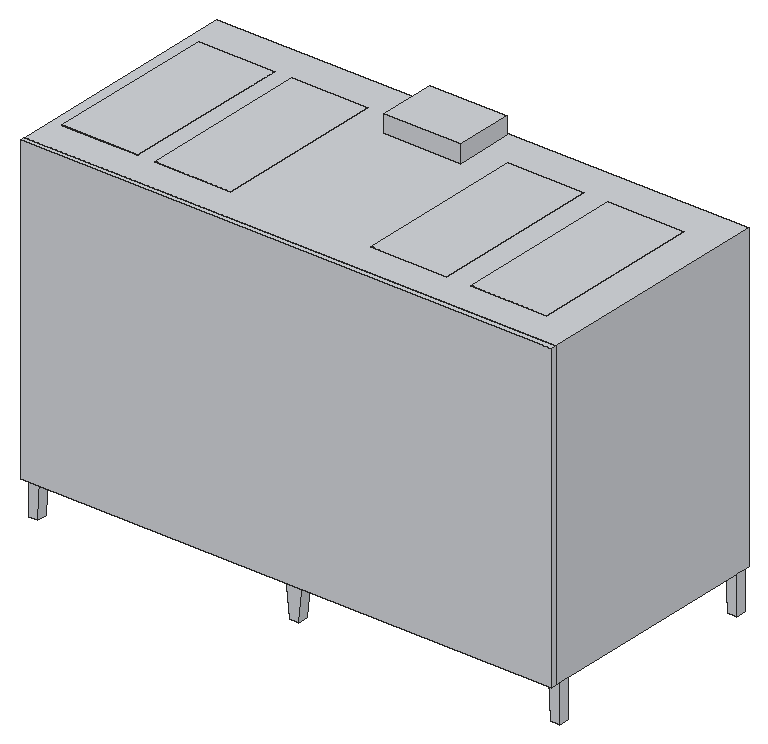
Revit family "AHU 1 _1", category Mechanické zařízení, Revit 2018
Family settings
  Kóta kulaté spojky = Použít průměr
  Typ dílu = Normální
  Číslo OmniClass = 23.75.00.00
  Nadpis OmniClass = Climate Control (HVAC)
  Založené na pracovní rovině = Ne
  Vždy vertikální = Ano
  Ořezat dutým tvarem při načtení = Ne
  Sdílené = Ne
  Bod výpočtu místnosti = Ne
Parameters (values of type "DUPLEXVENT 6500 Multi Eco-V")
  Width [instance] = 1.295 mm
  Weight [instance] = 688.00 kg
  URL = ""
  Type [instance] = "DUPLEXVENT 6500 Multi Eco-V"
  Total_SFP [instance] = 0
  Supply_outlet_hum [instance] = 90
  Supply_inlet_hum [instance] = 90
  Supply_ext_pressure [instance] = 0.0 Pa
  Supply_SFP [instance] = 0
  Source_adu_file [instance] = ""
  Recuperation_type [instance] = "Plate heat recovery exchanger"
  Recuperation_efficiency_EN308 [instance] = 0
  Project_name [instance] = ""
  Project_date [instance] = "10.8.2023"
  Power_supply_fusing [instance] = "0"
  Power_supply_cable [instance] = "0"
  Position [instance] = "AHU 1 "
  Phases_count [instance] = 3
  Panel_thickness [instance] = 0.06 mm
  Outer_surface [instance] = "RAL 9002"
  Length [instance] = 2.8 mm
  Insulation_type [instance] = "PUR"
  Insulation_thickness [instance] = 0.05 mm
  Installation_environment [instance] = ""
  Input_power_max [instance] = 6600 W
  Inner_surface [instance] = "Pozink"
  I2 [instance] = I1  # 0.0 L/s
  Height [instance] = 1.6 mm
  Exhaust_outlet_hum [instance] = 40
  Exhaust_inlet_hum [instance] = 40
  Exhaust_ext_pressure [instance] = 0.0 Pa
  Exhaust_SFP [instance] = 0
  E1 [instance] = E2 - M1  # 0.0 L/s
  E2 [instance] = 0.0 L/s
  I1 [instance] = 0.0 L/s
  Description = ""
  M1 [instance] = 0.0 L/s
  Device_dutypoint_version [instance] = "0"
  Device_design_version [instance] = "9"
  Device_adu_id [instance] = "1"
  Current_max [instance] = 10.8 A
  Casing_mat [instance] = "painted zinc layer"
  Cable type [instance] = "CYKY 5Jx2,5"
Reference planes
  plane 1 "Střed (vpředu/vzadu)": y = 0
  plane 2 "ref": z = 0
  plane 3 "Střed (vlevo/vpravo)": x = 0
Forms (mm)
  Sweep 1, solid
    path origin (0, 0, 0) x (0, 0, 1) y (1, 0, 0)
      loop
        line (0, 0) -> (1600, 0)
    profile origin (0, 0, 0) x (1, 0, 0) y (0, 1, 0)
      loop
        line (0, 0) -> (2800, 0) -> (2800, 1265) -> (0, 1265) -> (0, 0)
  Sweep 2, solid
    path origin (745, 625, 1599) x (0, 0, 1) y (1, 0, 0)
      loop
        line (0, 0) -> (1, 0)
    profile origin (745, 625, 1599) x (1, 0, 0) y (0, 1, 0)
      loop
        line (-200, -450) -> (200, -450) -> (200, 450) -> (-200, 450) -> (-200, -450)
  Sweep 3, solid
    path origin (2410, 625, 1599) x (0, 0, 1) y (1, 0, 0)
      loop
        line (0, 0) -> (1, 0)
    profile origin (2410, 625, 1599) x (1, 0, 0) y (0, 1, 0)
      loop
        line (-200, -450) -> (200, -450) -> (200, 450) -> (-200, 450) -> (-200, -450)
  Sweep 4, solid
    path origin (1885, 625, 1599) x (0, 0, 1) y (1, 0, 0)
      loop
        line (0, 0) -> (1, 0)
    profile origin (1885, 625, 1599) x (1, 0, 0) y (0, 1, 0)
      loop
        line (-200, -450) -> (200, -450) -> (200, 450) -> (-200, 450) -> (-200, -450)
  Sweep 5, solid
    path origin (255, 625, 1599) x (0, 0, 1) y (1, 0, 0)
      loop
        line (0, 0) -> (1, 0)
    profile origin (255, 625, 1599) x (1, 0, 0) y (0, 1, 0)
      loop
        line (-200, -450) -> (200, -450) -> (200, 450) -> (-200, 450) -> (-200, -450)
  Sweep 6, solid
    path origin (1250, 300, 0) x (0, -1, 0) y (0, 0, 1)
      loop
        line (0, 0) -> (0, -142)
    profile origin (1250, 300, 0) x (-1, 0, 0) y (0, -1, 0)
      loop
        circle (0, 0) r 8
  Sweep 7, solid
    path origin (1258, 300, -150) x (0, 0, -1) y (1, 0, 0)
      loop
        line (0, 0) -> (0, 14)
    profile origin (1258, 300, -150) x (0, 0, 1) y (0, -1, 0)
      loop
        circle (0, 0) r 8
  Sweep 8, solid
    path origin (1280, 300, -142) x (0, -1, 0) y (0, 0, 1)
      loop
        line (0, 0) -> (0, 59)
    profile origin (1280, 300, -142) x (0, 1, 0) y (-1, 0, 0)
      loop
        circle (0, 0) r 8
  Sweep 9, solid
    path origin (1288, 300, -75) x (0, 0, -1) y (1, 0, 0)
      loop
        line (0, 0) -> (0, 22)
    profile origin (1288, 300, -75) x (0, 0, 1) y (0, -1, 0)
      loop
        circle (0, 0) r 8
  Sweep 10, solid
    path origin (1796, 300, 0) x (0, -1, 0) y (0, 0, 1)
      loop
        line (0, 0) -> (0, -142)
    profile origin (1796, 300, 0) x (-1, 0, 0) y (0, -1, 0)
      loop
        circle (0, 0) r 8
  Sweep 11, solid
    path origin (1804, 300, -150) x (0, 0, -1) y (1, 0, 0)
      loop
        line (0, 0) -> (0, 14)
    profile origin (1804, 300, -150) x (0, 0, 1) y (0, -1, 0)
      loop
        circle (0, 0) r 8
  Sweep 12, solid
    path origin (1826, 300, -142) x (0, -1, 0) y (0, 0, 1)
      loop
        line (0, 0) -> (0, 59)
    profile origin (1826, 300, -142) x (0, 1, 0) y (-1, 0, 0)
      loop
        circle (0, 0) r 8
  Sweep 13, solid
    path origin (1834, 300, -75) x (0, 0, -1) y (1, 0, 0)
      loop
        line (0, 0) -> (0, 22)
    profile origin (1834, 300, -75) x (0, 0, 1) y (0, -1, 0)
      loop
        circle (0, 0) r 8
  Sweep 14, solid
    path origin (0, 0, 0) x (0, 0, 1) y (1, 0, 0)
      loop
        line (0, 0) -> (1600, 0)
    profile origin (0, 0, 0) x (1, 0, 0) y (0, 1, 0)
      loop
        line (0, -30) -> (2800, -30) -> (2800, -5) -> (0, -5) -> (0, -30)
  Sweep 15, solid
    path origin (25, 75, 0) x (1, 0, 0) y (0, 1, 0)
      loop
        line (0, 0) -> (0, -50)
    profile origin (25, 75, 0) x (1, 0, 0) y (0, 0, 1)
      loop
        line (-25, 0) -> (-25, -200) -> (25, -200) -> (35, 0) -> (-25, 0)
  Sweep 16, solid
    path origin (2775, 75, 0) x (1, 0, 0) y (0, 1, 0)
      loop
        line (0, 0) -> (0, -50)
    profile origin (2775, 75, 0) x (1, 0, 0) y (0, 0, 1)
      loop
        line (-35, 0) -> (-25, -200) -> (25, -200) -> (25, 0) -> (-35, 0)
  Sweep 17, solid
    path origin (25, 1240, 0) x (1, 0, 0) y (0, 1, 0)
      loop
        line (0, 0) -> (0, -50)
    profile origin (25, 1240, 0) x (1, 0, 0) y (0, 0, 1)
      loop
        line (-25, 0) -> (-25, -200) -> (25, -200) -> (35, 0) -> (-25, 0)
  Sweep 18, solid
    path origin (2775, 1240, 0) x (1, 0, 0) y (0, 1, 0)
      loop
        line (0, 0) -> (0, -50)
    profile origin (2775, 1240, 0) x (1, 0, 0) y (0, 0, 1)
      loop
        line (-35, 0) -> (-25, -200) -> (25, -200) -> (25, 0) -> (-35, 0)
  Sweep 19, solid
    path origin (1400, 75, 0) x (1, 0, 0) y (0, 1, 0)
      loop
        line (0, 0) -> (0, -50)
    profile origin (1400, 75, 0) x (1, 0, 0) y (0, 0, 1)
      loop
        line (-45, 0) -> (-25, -200) -> (25, -200) -> (45, 0) -> (-45, 0)
  Sweep 20, solid
    path origin (1400, 1240, 0) x (1, 0, 0) y (0, 1, 0)
      loop
        line (0, 0) -> (0, -50)
    profile origin (1400, 1240, 0) x (1, 0, 0) y (0, 0, 1)
      loop
        line (-45, 0) -> (-25, -200) -> (25, -200) -> (45, 0) -> (-45, 0)
  Sweep 21, solid
    path origin (0, 0, 1600) x (0, 0, 1) y (1, 0, 0)
      loop
        line (0, 0) -> (90, 0)
    profile origin (0, 0, 1600) x (1, 0, 0) y (0, 1, 0)
      loop
        line (1130, 950) -> (1535, 950) -> (1535, 1255) -> (1130, 1255) -> (1130, 950)
  Sweep 22, solid
    path origin (1130, 1103, 1645) x (0, 0, -1) y (1, 0, 0)
      loop
        line (0, 0) -> (0, -1)
    profile origin (1130, 1103, 1645) x (0, 0, -1) y (0, -1, 0)
      loop
        circle (0, 0) r 10
Lines and regions (mm)
  model lines, style "Symbol"
    curve 1: line (1400, -30, 1600) -> (1400, -30, 960)
    curve 2: line (700, -30, 1600) -> (700, -30, 480)
    curve 3: line (700, -30, 480) -> (920, -30, 480)
    curve 4: line (2100, -30, 1600) -> (2100, -30, 480)
    curve 5: line (2100, -30, 480) -> (1880, -30, 480)
    curve 6: line (920, -30, 480) -> (1160, -30, 960)
    curve 7: line (1160, -30, 960) -> (1640, -30, 960)
    curve 8: line (1640, -30, 960) -> (1880, -30, 480)
    curve 9: line (1880, -30, 480) -> (1640, -30, 0)
    curve 10: line (1640, -30, 0) -> (1400, -30, 0)
    curve 11: line (1400, -30, 0) -> (1160, -30, 0)
    curve 12: line (1160, -30, 0) -> (920, -30, 480)
    curve 13: line (2308, -30, 1140) -> (2362, -30, 1460)
    curve 14: line (2592, -30, 1140) -> (2538, -30, 1460)
    curve 15: line (208, -30, 1140) -> (262, -30, 1460)
    curve 16: line (492, -30, 1140) -> (438, -30, 1460)
    curve 17: line (770, -30, 1280) -> (1330, -30, 1280)
    curve 18: line (1330, -30, 1280) -> (1330, -30, 1120)
    curve 19: line (1330, -30, 1120) -> (770, -30, 1120)
    curve 20: line (770, -30, 1120) -> (770, -30, 1280)
    curve 21: line (770, -30, 1200) -> (1050, -30, 1120)
    curve 22: line (1330, -30, 1200) -> (1050, -30, 1120)
    curve 23: line (1470, -30, 1280) -> (2030, -30, 1280)
    curve 24: line (2030, -30, 1280) -> (2030, -30, 1120)
    curve 25: line (2030, -30, 1120) -> (1470, -30, 1120)
    curve 26: line (1470, -30, 1120) -> (1470, -30, 1280)
    curve 27: line (1470, -30, 1200) -> (1750, -30, 1120)
    curve 28: line (2030, -30, 1200) -> (1750, -30, 1120)
    curve 29: line (797, -30, 554) -> (1015, -30, 982)
    curve 30: line (1015, -30, 982) -> (1139, -30, 918)
    curve 31: line (1139, -30, 918) -> (921, -30, 490)
    curve 32: line (921, -30, 490) -> (797, -30, 554)
    curve 33: line (936, -30, 797) -> (1087, -30, 846)
    curve 34: line (849, -30, 626) -> (1000, -30, 675)
    curve 35: line (0, 1265, -200) -> (0, 1265, 0)
    curve 36: line (2800, 1265, -200) -> (2800, 1265, 0)
    curve 37: line (0, 1265, -200) -> (2800, 1265, -200)
    curve 38: line (0, 0, -200) -> (0, 0, 0)
    curve 39: line (2800, 0, -200) -> (2800, 0, 0)
    curve 40: line (0, 0, -200) -> (2800, 0, -200)
    curve 41: line (0, 1265, -200) -> (0, 0, -200)
    curve 42: line (2800, 1265, -200) -> (2800, 0, -200)
    curve 43: line (0, 200, -200) -> (200, 0, -200)
    curve 44: line (0, 400, -200) -> (400, 0, -200)
    curve 45: line (0, 600, -200) -> (600, 0, -200)
    curve 46: line (0, 800, -200) -> (800, 0, -200)
    curve 47: line (0, 1000, -200) -> (1000, 0, -200)
    curve 48: line (0, 1200, -200) -> (1200, 0, -200)
    curve 49: line (135, 1265, -200) -> (1400, 0, -200)
    curve 50: line (335, 1265, -200) -> (1600, 0, -200)
    curve 51: line (535, 1265, -200) -> (1800, 0, -200)
    curve 52: line (735, 1265, -200) -> (2000, 0, -200)
    curve 53: line (935, 1265, -200) -> (2200, 0, -200)
    curve 54: line (1135, 1265, -200) -> (2400, 0, -200)
    curve 55: line (1335, 1265, -200) -> (2600, 0, -200)
    curve 56: line (1535, 1265, -200) -> (2800, 0, -200)
    curve 57: line (1735, 1265, -200) -> (2800, 200, -200)
    curve 58: line (1935, 1265, -200) -> (2800, 400, -200)
    curve 59: line (2135, 1265, -200) -> (2800, 600, -200)
    curve 60: line (2335, 1265, -200) -> (2800, 800, -200)
    curve 61: line (2535, 1265, -200) -> (2800, 1000, -200)
    curve 62: line (2735, 1265, -200) -> (2800, 1200, -200)
    curve 63: line (2800, 200, -200) -> (2800, 0, 0)
    curve 64: line (2800, 400, -200) -> (2800, 200, 0)
    curve 65: line (2800, 600, -200) -> (2800, 400, 0)
    curve 66: line (2800, 800, -200) -> (2800, 600, 0)
    curve 67: line (2800, 1000, -200) -> (2800, 800, 0)
    curve 68: line (2800, 1200, -200) -> (2800, 1000, 0)
    curve 69: line (2800, 1265, -65) -> (2800, 1200, 0)
    curve 70: line (0, 0, 0) -> (200, 0, -200)
    curve 71: line (200, 0, 0) -> (400, 0, -200)
    curve 72: line (400, 0, 0) -> (600, 0, -200)
    curve 73: line (600, 0, 0) -> (800, 0, -200)
    curve 74: line (800, 0, 0) -> (1000, 0, -200)
    curve 75: line (1000, 0, 0) -> (1200, 0, -200)
    curve 76: line (1200, 0, 0) -> (1400, 0, -200)
    curve 77: line (1400, 0, 0) -> (1600, 0, -200)
    curve 78: line (1600, 0, 0) -> (1800, 0, -200)
    curve 79: line (1800, 0, 0) -> (2000, 0, -200)
    curve 80: line (2000, 0, 0) -> (2200, 0, -200)
    curve 81: line (2200, 0, 0) -> (2400, 0, -200)
    curve 82: line (2400, 0, 0) -> (2600, 0, -200)
    curve 83: line (2600, 0, 0) -> (2800, 0, -200)
    curve 84: line (0, 0, 2180) -> (0, 0, 1600)
    curve 85: line (2800, 0, 2180) -> (2800, 0, 1600)
    curve 86: line (0, 0, 2180) -> (2800, 0, 2180)
    curve 87: line (0, 1265, 2180) -> (0, 1265, 1600)
    curve 88: line (2800, 1265, 2180) -> (2800, 1265, 1600)
    curve 89: line (0, 1265, 2180) -> (2800, 1265, 2180)
    curve 90: line (0, 0, 2180) -> (0, 1265, 2180)
    curve 91: line (2800, 0, 2180) -> (2800, 1265, 2180)
    curve 92: line (0, 1065, 2180) -> (200, 1265, 2180)
    curve 93: line (0, 865, 2180) -> (400, 1265, 2180)
    curve 94: line (0, 665, 2180) -> (600, 1265, 2180)
    curve 95: line (0, 465, 2180) -> (800, 1265, 2180)
    curve 96: line (0, 265, 2180) -> (1000, 1265, 2180)
    curve 97: line (0, 65, 2180) -> (1200, 1265, 2180)
    curve 98: line (135, 0, 2180) -> (1400, 1265, 2180)
    curve 99: line (335, 0, 2180) -> (1600, 1265, 2180)
    curve 100: line (535, 0, 2180) -> (1800, 1265, 2180)
    curve 101: line (735, 0, 2180) -> (2000, 1265, 2180)
    curve 102: line (935, 0, 2180) -> (2200, 1265, 2180)
    curve 103: line (1135, 0, 2180) -> (2400, 1265, 2180)
    curve 104: line (1335, 0, 2180) -> (2600, 1265, 2180)
    curve 105: line (1535, 0, 2180) -> (2800, 1265, 2180)
    curve 106: line (1735, 0, 2180) -> (2800, 1065, 2180)
    curve 107: line (1935, 0, 2180) -> (2800, 865, 2180)
    curve 108: line (2135, 0, 2180) -> (2800, 665, 2180)
    curve 109: line (2335, 0, 2180) -> (2800, 465, 2180)
    curve 110: line (2535, 0, 2180) -> (2800, 265, 2180)
    curve 111: line (2735, 0, 2180) -> (2800, 65, 2180)
    curve 112: line (2800, 1065, 2180) -> (2800, 1265, 1980)
    curve 113: line (2800, 865, 2180) -> (2800, 1265, 1780)
    curve 114: line (2800, 665, 2180) -> (2800, 1245, 1600)
    curve 115: line (2800, 465, 2180) -> (2800, 1045, 1600)
    curve 116: line (2800, 265, 2180) -> (2800, 845, 1600)
    curve 117: line (2800, 65, 2180) -> (2800, 645, 1600)
    curve 118: line (2800, 0, 2045) -> (2800, 445, 1600)
    curve 119: line (2800, 0, 1845) -> (2800, 245, 1600)
    curve 120: line (2800, 0, 1645) -> (2800, 45, 1600)
    curve 121: line (0, 1265, 1980) -> (200, 1265, 2180)
    curve 122: line (0, 1265, 1780) -> (400, 1265, 2180)
    curve 123: line (20, 1265, 1600) -> (600, 1265, 2180)
    curve 124: line (220, 1265, 1600) -> (800, 1265, 2180)
    curve 125: line (420, 1265, 1600) -> (1000, 1265, 2180)
    curve 126: line (620, 1265, 1600) -> (1200, 1265, 2180)
    curve 127: line (820, 1265, 1600) -> (1400, 1265, 2180)
    curve 128: line (1020, 1265, 1600) -> (1600, 1265, 2180)
    curve 129: line (1220, 1265, 1600) -> (1800, 1265, 2180)
    curve 130: line (1420, 1265, 1600) -> (2000, 1265, 2180)
    curve 131: line (1620, 1265, 1600) -> (2200, 1265, 2180)
    curve 132: line (1820, 1265, 1600) -> (2400, 1265, 2180)
    curve 133: line (2020, 1265, 1600) -> (2600, 1265, 2180)
    curve 134: line (2220, 1265, 1600) -> (2800, 1265, 2180)
    curve 135: line (2420, 1265, 1600) -> (2800, 1265, 1980)
    curve 136: line (2620, 1265, 1600) -> (2800, 1265, 1780)
    curve 137: line (0, -30, 0) -> (0, -30, 1600)
    curve 138: line (0, -30, 1600) -> (1120, -30, 1600)
    curve 139: line (1120, -30, 1600) -> (1120, -30, 0)
    curve 140: line (1120, -30, 0) -> (0, -30, 0)
    curve 141: line (1680, -30, 0) -> (1680, -30, 1600)
    curve 142: line (1680, -30, 1600) -> (2800, -30, 1600)
    curve 143: line (2800, -30, 1600) -> (2800, -30, 0)
    curve 144: line (2800, -30, 0) -> (1680, -30, 0)
    curve 145: line (0, -30, 0) -> (2800, -30, 0)
    curve 146: line (0, -30, 1600) -> (2800, -30, 1600)
    curve 147: line (0, -30, 0) -> (0, -30, 1600)
    curve 148: line (2800, -30, 0) -> (2800, -30, 1600)
    curve 149: line (0, -30, 0) -> (0, -5, 0)
    curve 150: line (2800, -30, 0) -> (2800, -5, 0)
    curve 151: line (0, -30, 1600) -> (0, -5, 1600)
    curve 152: line (2800, -30, 1600) -> (2800, -5, 1600)
    curve 153: circle (2450, -30, 1280) r 200 normal (0, -1, 0)
    curve 154: circle (350, -30, 1280) r 200 normal (0, -1, 0)
    curve 155: circle (1012, -30, 822) r 21 normal (0, -1, 0)
    curve 156: circle (924, -30, 650) r 21 normal (0, -1, 0)
    curve 157: circle (1250, 300, 0) r 8 normal (0, 0, -1)
    curve 158: circle (1250, 300, -142) r 8 normal (0, 0, -1)
    curve 159: circle (1796, 300, 0) r 8 normal (0, 0, -1)
    curve 160: circle (1796, 300, -142) r 8 normal (0, 0, -1)
Dimensions and locks
  aligned and locked: level to plane 2 "ref"
Connectors
  hvac at (745, 625, 1600), driven by "E1"
    settings: on Sweep 2, index 1, duct flow 0.0 L/s, flow factor 0, pres drop 0.0 Pa, loss coef 0, conn angle 0.00°, conn width 900 mm, conn height 400 mm, conn diameter 609.6 mm, duct sys type 1, conn prof type 1, flow config 1, flow direction 1, loss method 0, conn ref index -1, conn util no, is conn primary yes, conn desc ""
  hvac at (2410, 625, 1600), driven by "E2"
    settings: on Sweep 3, index 2, duct flow 0.0 L/s, flow factor 1, pres drop 0.0 Pa, loss coef 0, conn angle 0.00°, conn width 900 mm, conn height 400 mm, conn diameter 609.6 mm, duct sys type 1, conn prof type 1, flow config 2, flow direction 2, loss method 0, conn ref index -1, conn util no, is conn primary no, conn desc ""
  hvac at (1885, 625, 1600), driven by "I1"
    settings: on Sweep 4, index 3, duct flow 0.0 L/s, flow factor 1, pres drop 0.0 Pa, loss coef 0, conn angle 0.00°, conn width 900 mm, conn height 400 mm, conn diameter 609.6 mm, duct sys type 3, conn prof type 1, flow config 2, flow direction 1, loss method 0, conn ref index -1, conn util no, is conn primary no, conn desc ""
  hvac at (255, 625, 1600), driven by "I2"
    settings: on Sweep 5, index 4, duct flow 0.0 L/s, flow factor 0, pres drop 0.0 Pa, loss coef 0, conn angle 0.00°, conn width 900 mm, conn height 400 mm, conn diameter 609.6 mm, duct sys type 3, conn prof type 1, flow config 1, flow direction 2, loss method 0, conn ref index -1, conn util no, is conn primary no, conn desc ""
  piping at (1310, 300, -75), diameter 40
    settings: on Sweep 9, index 5, connector inside diameter 609.6 mm, connector length 0 mm, flow factor 0, pipe flow 0.0 L/s, pressure drop 0.0 Pa, fitting loss kfactor 0, connector angle 0.00°, fixture units 0, engagement length 0 mm, angle of deflection 0.00°, flow configuration 1, flow direction 2, fitting loss method 0, system type 16, joint type 0, gender type 0, connector reference index -1, connector utility 0, adjustable connector no, is connector primary yes, connector description ""
  piping at (1856, 300, -75), diameter 40
    settings: on Sweep 13, index 6, connector inside diameter 609.6 mm, connector length 0 mm, flow factor 0, pipe flow 0.0 L/s, pressure drop 0.0 Pa, fitting loss kfactor 0, connector angle 0.00°, fixture units 0, engagement length 0 mm, angle of deflection 0.00°, flow configuration 1, flow direction 2, fitting loss method 0, system type 16, joint type 0, gender type 0, connector reference index -1, connector utility 0, adjustable connector no, is connector primary no, connector description ""
  electrical at (1129, 1103, 1645)
    settings: on Sweep 22, index 7, voltage 400 V, apparent load 0 VA, apparent load phase1 0 VA, apparent load phase2 0 VA, apparent load phase3 0 VA, power factor 1, load classification "Další", number of poles 3, system type 31, power factor state 1, is connector primary yes, connector utility no, sub classification motor no, connector description ""
